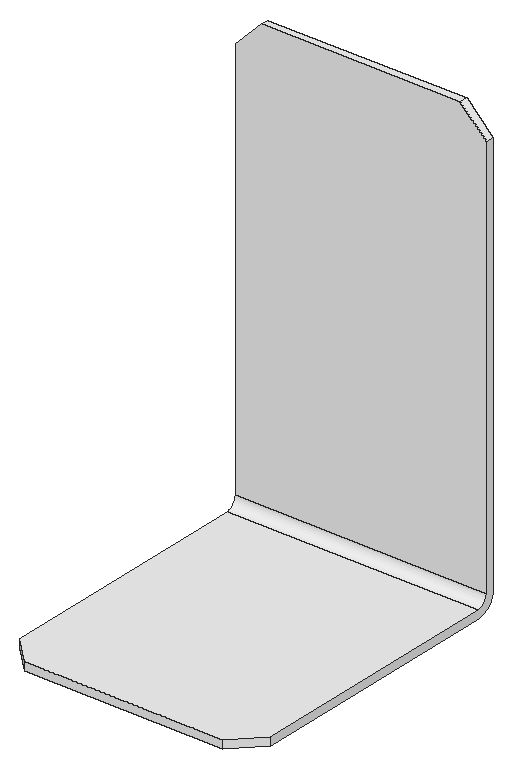
Revit family "JOMA_445", category Structural Connections, host Face, Revit 2012 (continued)
Nested families
  nested 259: "Spikmönster" at (0, 0, 157.5) x (1, 0, 0) z (0, -1, 0), visible <- "445 Spikmönster Bult 1 45°≤α≤90°", type "Ø5", not visible
  nested 260: "Spikmönster" at (-40, 0, 146.5) x (1, 0, 0) z (0, -1, 0), visible <- "445 Spikmönster Bult 1 45°≤α≤90°", type "Ø5", not visible
  nested 261: "Spikmönster" at (40, 0, 146.5) x (1, 0, 0) z (0, -1, 0), visible <- "445 Spikmönster Bult 1 45°≤α≤90°", type "Ø5", not visible
  nested 262: "Spikmönster" at (14, 0, 137) x (1, 0, 0) z (0, -1, 0), visible <- "445 Spikmönster Bult 1 45°≤α≤90°", type "Ø5", not visible
  nested 263: "Spikmönster" at (-14, 0, 137) x (1, 0, 0) z (0, -1, 0), visible <- "445 Spikmönster Bult 1 45°≤α≤90°", type "Ø5", not visible
  nested 264: "Spikmönster" at (-40, 0, 118.5) x (1, 0, 0) z (0, -1, 0), visible <- "445 Spikmönster Bult 1 45°≤α≤90°", type "Ø5", not visible
  nested 265: "Spikmönster" at (40, 0, 118.5) x (1, 0, 0) z (0, -1, 0), visible <- "445 Spikmönster Bult 1 45°≤α≤90°", type "Ø5", not visible
  nested 266: "Spikmönster" at (26, 0, 104.5) x (1, 0, 0) z (0, -1, 0), visible <- "445 Spikmönster Bult 1 45°≤α≤90°", type "Ø5", not visible
  nested 267: "Spikmönster" at (-26, 0, 104.5) x (1, 0, 0) z (0, -1, 0), visible <- "445 Spikmönster Bult 1 45°≤α≤90°", type "Ø5", not visible
  nested 268: "Spikmönster" at (0, 0, 99.5) x (1, 0, 0) z (0, -1, 0), visible <- "445 Spikmönster Bult 1 45°≤α≤90°", type "Ø5", not visible
  nested 269: "Spikmönster" at (40, 0, 90.5) x (1, 0, 0) z (0, -1, 0), visible <- "445 Spikmönster Bult 1 45°≤α≤90°", type "Ø5", not visible
  nested 270: "Spikmönster" at (-40, 0, 90.5) x (1, 0, 0) z (0, -1, 0), visible <- "445 Spikmönster Bult 1 45°≤α≤90°", type "Ø5", not visible
  nested 271: "Spikmönster" at (-40, 0, 62.5) x (1, 0, 0) z (0, -1, 0), visible <- "445 Spikmönster Bult 1 45°≤α≤90°", type "Ø5", not visible
  nested 272: "Spikmönster" at (-14, 0, 57.5) x (1, 0, 0) z (0, -1, 0), visible <- "445 Spikmönster Bult 1 45°≤α≤90°", type "Ø5", not visible
  nested 273: "Spikmönster" at (14, 0, 57.5) x (1, 0, 0) z (0, -1, 0), visible <- "445 Spikmönster Bult 1 45°≤α≤90°", type "Ø5", not visible
  nested 274: "Spikmönster" at (40, 0, 62.5) x (1, 0, 0) z (0, -1, 0), visible <- "445 Spikmönster Bult 1 45°≤α≤90°", type "Ø5", not visible
  nested 275: "Spikmönster" at (0, 0, 127.5) x (1, 0, 0) z (0, -1, 0), visible <- "445 Spikmönster Bult 1 45°≤α≤90°", type "Ø5", not visible
  nested 276: "Spikmönster" at (-26, 0, 71.5) x (1, 0, 0) z (0, -1, 0), visible <- "445 Spikmönster Bult 1 45°≤α≤90°", type "Ø5", not visible
  nested 277: "Spikmönster" at (26, 0, 71.5) x (1, 0, 0) z (0, -1, 0), visible <- "445 Spikmönster Bult 1 45°≤α≤90°", type "Ø5", not visible
  nested 278: "Spikmönster" at (-40, 0, 146.5) x (1, 0, 0) z (0, -1, 0), visible <- "445 Spikmönster Bult 2 0°≤α≤90°", type "Ø5", not visible
  nested 279: "Spikmönster" at (40, 0, 146.5) x (1, 0, 0) z (0, -1, 0), visible <- "445 Spikmönster Bult 2 0°≤α≤90°", type "Ø5", not visible
  nested 280: "Spikmönster" at (0, 0, 157.5) x (1, 0, 0) z (0, -1, 0), visible <- "445 Spikmönster Bult 2 0°≤α≤90°", type "Ø5", not visible
  nested 281: "Spikmönster" at (-40, 0, 90.5) x (1, 0, 0) z (0, -1, 0), visible <- "445 Spikmönster Bult 2 0°≤α≤90°", type "Ø5", not visible
  nested 282: "Spikmönster" at (-40, 0, 62.5) x (1, 0, 0) z (0, -1, 0), visible <- "445 Spikmönster Bult 2 0°≤α≤90°", type "Ø5", not visible
  nested 283: "Spikmönster" at (40, 0, 62.5) x (1, 0, 0) z (0, -1, 0), visible <- "445 Spikmönster Bult 2 0°≤α≤90°", type "Ø5", not visible
  nested 284: "Spikmönster" at (40, 0, 90.5) x (1, 0, 0) z (0, -1, 0), visible <- "445 Spikmönster Bult 2 0°≤α≤90°", type "Ø5", not visible
  nested 285: "Spikmönster" at (14, 0, 85.5) x (1, 0, 0) z (0, -1, 0), visible <- "445 Spikmönster Bult 2 0°≤α≤90°", type "Ø5", not visible
  nested 286: "Spikmönster" at (-14, 0, 85.5) x (1, 0, 0) z (0, -1, 0), visible <- "445 Spikmönster Bult 2 0°≤α≤90°", type "Ø5", not visible
  nested 287: "Spikmönster" at (-14, 0, 57.5) x (1, 0, 0) z (0, -1, 0), visible <- "445 Spikmönster Bult 2 0°≤α≤90°", type "Ø5", not visible
  nested 288: "Spikmönster" at (14, 0, 57.5) x (1, 0, 0) z (0, -1, 0), visible <- "445 Spikmönster Bult 2 0°≤α≤90°", type "Ø5", not visible
Definition of nested family "Spikmönster"
  Parameters (values of type "Ø11")
    Radie = 5.500 mm
  Types (3, lengths in mm): name | Radie
    (no name) | 5.500
    Ø5 | 2.500
    Ø11 | 5.500
  Reference planes
    plane 1 "Center (Front/Back)": y = 0
    plane 2: z = 0
    plane 3 "Center (Left/Right)": x = 0
  Lines and regions (mm)
    Filled region 1, type "Solid Fill - Black", in view "Ref. Level"
      outline origin (0, 0, 0) x (1, 0, 0) y (0, 1, 0)
        loop
          circle (0, 0) r 5.5
  Dimensions and locks
    "Radie": radius of Filled region 1 sketch curve
  Automatic sketch dimensions
    plane 1 "Center (Front/Back)" to Filled region 1 sketch curve = 0.000 mm
    Filled region 1 sketch curve to plane 3 "Center (Left/Right)" = 0.000 mm
